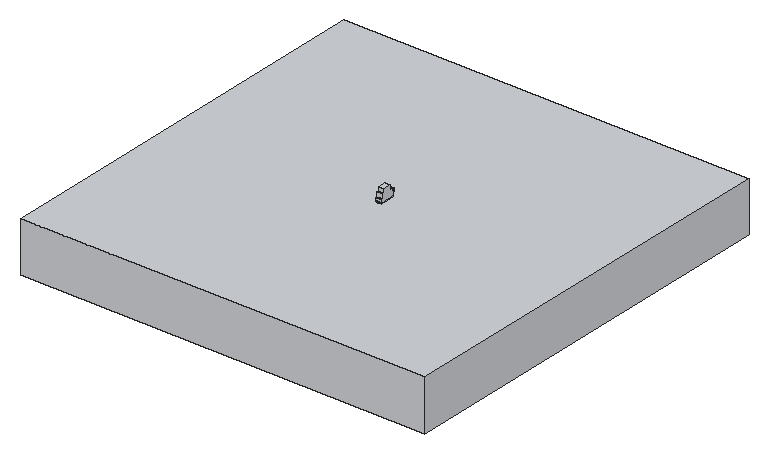
Revit family "Gira_207712", category Elektroinstallationen, Revit 2017
Family settings
  Basisbauteil = Fläche
  Beschriftungsausrichtung beibehalten = Nein
  Bemaßung runder Anschluss = Durchmesser verwenden
  Teiletyp = Normal
  Beim Laden mit Abzugskörper schneiden = Nein
  Gemeinsam genutzt = Nein
  Raumberechnungspunkt = Nein
Parameters
  With display = yes
  With anti-theft/dismantling protection = yes
  Default Elevation = 1219.2 mm
  URL = "https://www.gira.de/"
  Typname = "Gira G1 24 V Gira G1 white gl."
  Transparent = no
  Temperature controller = yes
  Surface protection = "Other"
  Surface finishing = "Not applicable"
  Status-LED = yes
  Productwebsite = "http://katalog.gira.de/en/datenblatt.html?artikelnr=207712"
  Presence button = no
  Other bus systems = "None"
  Mounting method = "Flush mounted (plaster)"
  Material quality = "Other"
  Material = "Other"
  Integrated DCF77 receiver = no
  IR sensor = no
  Hersteller = "Gira"
  HAN = "207712"
  GTIN = "4010337014317"
  Degree of protection (IP) = "IP21"
  Data sheet = "https://katalog.gira.de/en/download.html?artikelnr=207712"
  Central functional unit for senders/actuators = yes
  Bus system radio frequent = no
  Bus system Powernet = no
  Bus system LON = no
  Bus system KNX radio = no
  Bus system KNX = yes
  Bus connection included = no
  Beschreibung = "Gira G1 24V G1 GWh,Gira G1 24 V,,white glass,The Gira G1 is a multi-functional room operating device for visualising and operating a variety of building functions. For use in the KNX system and Gira door communication system, or as client. The respective range of functions depends on the firmware used., , When used as a client, the KNX room operating device features are not available. For details on the exact scope of functions, please refer to the Gira online catalogue and the device's technical documentation.,,Features:,- Operation is via a gesture-capable multi-touch display.,- Connection and communication are via LAN or WLAN, depending on the variant.,- Integrated speaker.,- Integrated microphone with echo compensation.,  ,Potential applications and combinations:,- As a multi-functional room operating device, the Gira G1 offers the following functions and function combinations:,- KNX room operating device,- Home station video,- Integrates Internet services or as client for the following systems servers - HomeServer - eNet - X1 - Alarm Connect security system,Properties as a KNX room operating device:,- Intuitive user interface that can be adapted by the end user.,- Switching and dimming (relative and absolute), dimming (incl. Dimming RGB, RGBW, and Tunable White), blind and roller shutter control, value transmitter, and scene auxiliary unit.,- Status display, display of date and time, display of indoor and outdoor temperature.,- Up to 150 functions (six function folders or rooms with up to 25 functions each).,- Up to 125 seven-day timer with 10 switching times each.,- Room temperature controller in combination with the temperature sensor module (available as an optional extra), or KNX devices for room temperature measurement, e.g. touch sensor 3 Komfort.,- Operating modes: Comfort, standby, night, and frost or heat protection with their own temperature setpoint values (for heating and or cooling).,- Operating modes can be adapted individually.,- A heating clock as seven-day timer with 28 switching times.,- Room temperature controller auxiliary unit for controlling air conditioning systems (fan coil) in conjunction with a KNX gateway for air conditioning systems.,Properties as video home station:,- Camera changeover: specific selection of connected colour cameras. ,- Control of the door opener.,- Switching the ringtone on and off.,- Ring tone can be selected from a choice of 10 melodies.,- Internal calls.,Integration of Internet services:,- Gira weather service: display of the weather forecast for up to five cities (internet connection required).,Gira G1 can also be used as a client for the following systems servers (requires firmware update)::,- HomeServer Client,- eNet Client,- X1 Client,- Gira G1 with flush-mounted connection module 24 V WLAN for connecting to a suitable cable (e.g. to the second wire pair of the KNX bus line).,- Data communication via WLAN.,,Notes :,- Suitable for indoor use only.,- Recommended mounting height: 150 cm above floor.,- Installation is performed on a deep device box (an electronics box is recommended for a LAN connection).,- Communication with the KNX installation is exclusively via the KNXnet IP standard.,- A KNX IP router must be used to connect the Gira G1 PoE to the KNX installation. Several Gira G1 units can be operated on one KNX IP router.,- In order to ensure reliable communication via WLAN, a Gira KNX IP router (firmware version 3 and later) is required to connect the Gira G1 230 V or G1 24 V to the KNX installation. For this purpose the Gira KNX IP router (firmware version 3 and later) is specially equipped with the additional function Reliable data communication\". Several Gira G1 units can be operated on one Gira KNX IP router (firmware version 3 and later).,- Hardware from index status I08 prepared for KNX Secure (additional firmware update required).,- Commissioning in the KNX system from ETS 5.5 or higher.,- Can be used as a home station in connection with the DCS-IP gateway.,- When planning the system, please observe the technical information on network planning in the device documentation.,- The Gira Project Assistant (GPA) is required for firmware updates. The GPA is available free of charge in the Gira download area.,- Using the timers requires either an internet connection to a NTP time server or a KNX clock (e.g. Gira weather station Plus 2074 00).,- When used as a Gira HomeServer client, the Gira G1's temperature sensor module is not supported.,- For dimensioning the power supply, the total power consumption of all connected devices as well as the voltage drop in the supply network must always be considered.\""
  BIM = "https://media.stage.bim.site/public/gira/ad86d9f/Gira%20X1%20REG%20KNX.rfa?public/gira/ad86d9f/Gira X1 REG KNX.rfa"
Reference planes
  plane 1 "Center (Front/Back)": y = 0
  plane 2: z = 0
  plane 3 "Center (Left/Right)": x = 0
Forms (mm)
  Extrusion 1, solid
    sketch origin (0, 0, 0) x (1, 0, 0) y (0, 1, 0)
      loop
        line (-1219.2, 1219.2) -> (-1219.2, -1219.2) -> (1219.2, -1219.2) -> (1219.2, 1219.2) -> (-1219.2, 1219.2)
    from 0 to -304.8
  Extrusion 2, solid, detail levels fine
    sketch origin (0, -0.2, 0) x (0, 1, 0) y (0, 0, 1)
      loop
        line (22.65, 43.82) -> (22.65, 68.77) -> (-22.25, 68.77) -> (-22.25, 43.82) -> (-30.4, 43.82) -> (-30.4, 19.42) -> (-44.8, 19.42) -> (-44.8, 1.97) -> (45.192, 1.97) -> (45.192, 28.47) -> (32.925, 28.47) -> (32.831, 39.259) -> (31.225, 41.242) -> (31.225, 43.82) -> (22.65, 43.82)
    from -17.95 to 17.95
  Extrusion 3, solid, detail levels fine
    sketch origin (0, -0.2, 0) x (0, 1, 0) y (0, 0, 1)
      loop
        line (45.192, 43.82) -> (31.225, 43.82) -> (31.225, 41.242) -> (32.831, 39.259) -> (32.925, 28.47) -> (45.192, 28.47) -> (45.192, 43.82)
    from -17.95 to -15.8
  Extrusion 4, solid, detail levels fine
    sketch origin (0, -0.2, 0) x (0, 1, 0) y (0, 0, -1)
      loop
        line (45.192, -43.82) -> (45.192, -28.47) -> (32.925, -28.47) -> (32.831, -39.259) -> (31.225, -41.242) -> (31.225, -43.82) -> (45.192, -43.82)
    from -17.95 to -15.8
  Extrusion 5, solid, detail levels fine
    sketch origin (0, -0.2, 0) x (0, 1, 0) y (0, 0, 1)
      loop
        line (31.5, 42.848) -> (31.5, 40.412)
        arc (31.5, 40.412) -> (38.359, 39.512) -> (45.192, 38.435) r 267
        line (45.192, 38.435) -> (45.192, 14.255)
        arc (45.192, 14.255) -> (50.205, 15.189) -> (55.2, 16.219) r 264.9
        line (55.2, 16.219) -> (55.2, 38.933)
        arc (55.2, 38.933) -> (43.394, 41.159) -> (31.5, 42.848) r 265
    from -15.506 to 15.5
  Extrusion 6, solid, detail levels fine
    sketch origin (0, -0.2, 0) x (0, 1, 0) y (0, 0, 1)
      loop
        line (45.2, 1.5) -> (17.774, 1.5) -> (17.905, -6.017)
        arc (17.905, -6.017) -> (20.285, -6.454) -> (22.7, -6.6) r 20
        arc (22.7, -6.6) -> (33.985, -5.009) -> (45.128, -2.618) r 160
        line (45.128, -2.618) -> (45.2, 1.5)
    from -17.95 to 18
  Extrusion 7, solid, detail levels fine
    sketch origin (0, -0.2, 0) x (0, 1, 0) y (0, 0, 1)
      loop
        line (17.905, -6.017) -> (17.824, -1.4) -> (16.8, -1.4) -> (14.749, -4.952)
        arc (14.749, -4.952) -> (16.305, -5.55) -> (17.905, -6.017) r 20
    from -17.95 to -13
  Extrusion 8, solid, detail levels fine
    sketch origin (0, -0.2, 0) x (0, 1, 0) y (0, 0, -1)
      loop
        arc (17.905, 6.017) -> (16.305, 5.55) -> (14.749, 4.952) r 20
        line (14.749, 4.952) -> (16.8, 1.4) -> (17.824, 1.4) -> (17.905, 6.017)
    from -17.95 to -13
  Extrusion 9, solid, detail levels fine
    sketch origin (0, -0.2, 0) x (0, 1, 0) y (0, 0, 1)
      loop
        line (17.8, 0) -> (17.774, 1.5) -> (-44.8, 1.5) -> (-44.774, 0) -> (17.8, 0)
    from -17.95 to 17.95
  Extrusion 10, solid, detail levels fine
    sketch origin (0, 0, 0) x (0, 1, 0) y (0, 0, 1)
      loop
        line (-48.916, -3.317) -> (-44.906, -3.881) -> (-44.974, 0) -> (-48.916, 0) -> (-48.916, -3.317)
    from -4.803 to 4.797
  Extrusion 11, solid, detail levels fine
    sketch origin (0, 0, 0) x (0, 1, 0) y (0, 0, 1)
      loop
        arc (-22.5, -6.6) -> (-20.811, -6.529) -> (-19.134, -6.315) r 20
        line (-19.134, -6.315) -> (-18.029, -3.279) -> (-18, 0) -> (-44.974, 0) -> (-44.928, -2.618)
        arc (-44.928, -2.618) -> (-33.785, -5.009) -> (-22.5, -6.6) r 160
    from -17.95 to -10.5
  Extrusion 12, solid, detail levels fine
    sketch origin (0, 0, 0) x (0, 1, 0) y (0, 0, -1)
      loop
        arc (-22.5, 6.6) -> (-33.785, 5.009) -> (-44.928, 2.618) r 160
        line (-44.928, 2.618) -> (-44.974, 0) -> (-18, 0) -> (-18.029, 3.279) -> (-19.134, 6.315)
        arc (-19.134, 6.315) -> (-20.811, 6.529) -> (-22.5, 6.6) r 20
    from -17.95 to -10.5
  Extrusion 13, solid, detail levels fine
    sketch origin (0, 0, 0) x (0, 1, 0) y (0, 0, 1)
      loop
        line (-30.708, -6.6) -> (-30.65, 0) -> (-44.974, 0) -> (-44.859, -6.6) -> (-30.708, -6.6)
    from -10.5 to 10.5
  Extrusion 14, solid, detail levels fine
    sketch origin (0, 0, 0) x (1, 0, 0) y (0, 1, 0)
      loop
        circle (-0.003, -20.023) r 1
    from -7.682 to 0
  Extrusion 15, solid, detail levels fine
    sketch origin (0, 0, 0) x (0, 1, 0) y (0, 0, 1)
      loop
        line (-17.523, -0.8) -> (-17.523, 0) -> (-30.65, 0) -> (-30.684, -3.9) -> (-27.106, -3.9) -> (-27.106, -5.6) -> (-19.623, -6.6) -> (-18.03, -6.6) -> (-15.023, -2.682) -> (-15.023, -1.517) -> (-17.523, -0.8)
    from -4.503 to 4.5
  Extrusion 16, solid, detail levels fine
    sketch origin (0, 0, 0) x (1, 0, 0) y (0, 1, 0)
      loop
        line (16.859, 43.848) -> (-16.859, 43.848) -> (-16.859, -43.859) -> (16.859, -43.859) -> (16.859, 43.848)
    from 1.5 to 4
  Extrusion 17, solid, detail levels medium
    sketch origin (0, 0, 0) x (0, 1, 0) y (0, 0, 1)
      loop
        line (22.45, 68.77) -> (-22.45, 68.77) -> (-22.45, 43.82) -> (-30.6, 43.82) -> (-30.6, 19.42) -> (-45, 19.42) -> (-45, 0) -> (-48.916, 0) -> (-48.916, -6.6) -> (-15.023, -6.6) -> (-15.023, 0) -> (14.549, 0) -> (14.549, -6.6) -> (44.992, -6.6) -> (44.992, 14.255)
        arc (44.992, 14.255) -> (50.005, 15.189) -> (55, 16.219) r 264.9
        line (55, 16.219) -> (55, 38.933)
        arc (55, 38.933) -> (50.005, 39.943) -> (44.992, 40.856) r 265
        line (44.992, 40.856) -> (44.992, 43.82) -> (22.45, 43.82) -> (22.45, 68.77)
    from -17.95 to 17.95
  Extrusion 18, solid, detail levels coarse
    sketch origin (0, 0, 0) x (1, 0, 0) y (0, 1, 0)
      loop
        line (-17.95, 55) -> (-17.95, -48.916) -> (17.95, -48.916) -> (17.95, 55) -> (-17.95, 55)
    from -7.682 to 68.77
Dimensions and locks
  aligned and locked: plane 2 to Extrusion 1
  aligned and locked: level to Extrusion 1
Connectors
  electrical at (0, -13.687, 0)
    settings: on Extrusion 9, index 1, voltage 24 V, apparent load 0 VA, apparent load phase1 0 VA, apparent load phase2 0 VA, apparent load phase3 0 VA, power factor 1, load classification "Other", number of poles 1, system type 30, power factor state 1, is connector primary yes, connector utility no, sub classification motor no, connector description ""
